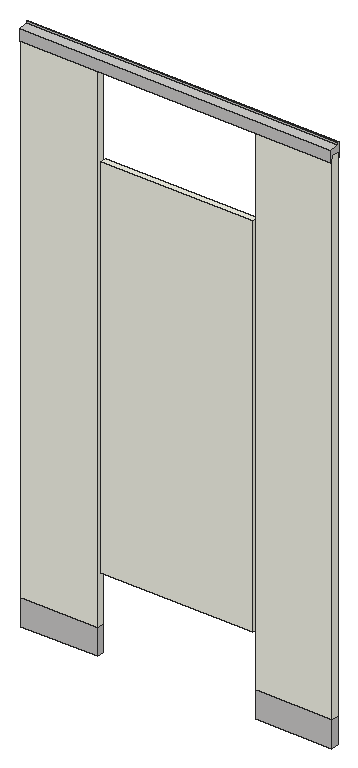
Revit family
Parameters (values of type "B1542")
  URL = "http://www.bobrick.com"
  Right Stile Headrail Value = if(Right Stile Visible, Right Stile Value, 0")  # 12"
  Partition Material = Laminated Plastic - Bobrick - Designer White
  Panel Value = if(DoorPanel Width < 1", 1", if(DoorPanel Width > 84", 84", DoorPanel Width))  # 24"
  Model = "B1542 ClassicSeries Overhead Braced"
  Manufacturer = "Bobrick Washroom Equipment, Inc."
  Left Stile Headrail Value = if(Left Stile Visible, Left Stile Value, 0")  # 12"
  Inswing Value = if(DoorPanel Width < 22", 22", if(DoorPanel Width > 37", 37", DoorPanel Width))  # 24"
  DoorPanel Width = 24"
  Right Stile Width = 12"
  Right Stile Visible = yes
  Right Stile Value = if(Right Stile Width < 3", 3", if(Right Stile Width > 24", 24", Right Stile Width))  # 12"
  Panel = not(Door Panel)  # no
  Outswing Value = if(DoorPanel Width < 25", 25", if(DoorPanel Width > 37", 37", DoorPanel Width))  # 25"
  Outswing = and(not(Inswing Visibility), Door Panel)  # no
  Left Stile Width = 12"
  Left Stile Visible = yes
  Left Stile Value = if(Left Stile Width < 3", 3", if(Left Stile Width > 24", 24", Left Stile Width))  # 12"
  Inswing Visibility = and(Inswing, Door Panel)  # yes
  Inswing = yes
  Width Value = if(Inswing Visibility, Inswing Value, if(Outswing, Outswing Value, if(Panel, Panel Value, 36")))  # 24"
  Door Panel = yes
  Description = "Partitions and Screens with Laminated Plastic Surfaces and Edges"
  Assembly Code = "C1030200"
  ADA Compliant = yes
Reference planes (in)
  plane 1 "Center (Front/Back)": y = 0
  plane 2: z = 0
  plane 3 "Center (Left/Right)": x = 0
  plane 4: x = -24.5
  plane 5: x = 24.5
  plane 6: y = 0.5
  plane 7: y = -0.5
  plane 8: x = -12.5
  plane 9: x = 12.5
  plane 10: x = -12
  plane 11: x = 12
  plane 12: z = 4
  plane 13: z = 12
  plane 14: z = 70
  plane 15: z = 41
  plane 16: y = 24.5
  plane 17: x = 11
  plane 18: z = 85
  plane 19: z = 83.5625
  plane 20: z = 82.8125
  plane 21: z = 84.31651
Forms (in)
  Extrusion 1, solid, material "Laminated Plastic - Bobrick - Designer White" <- "Partition Material", visible <- "Left Stile Visible"
    sketch origin (0, 0, 0) x (1, 0, 0) y (0, 1, 0)
      loop
        line (-24.5, 0.5) -> (-24.5, -0.5) -> (-12.5, -0.5) -> (-12.5, 0.5) -> (-24.5, 0.5)
    from 4 to 83.5625
  Extrusion 2, solid, material "Stainless Steel - Bobrick - Satin", visible <- "Left Stile Visible"
    sketch origin (0, 0, 0) x (1, 0, 0) y (0, 1, 0)
      loop
        line (-24.5, 0.5) -> (-24.5, -0.5) -> (-12.5, -0.5) -> (-12.5, 0.5) -> (-24.5, 0.5)
    from 0 to 4
  Extrusion 3, solid, material "Laminated Plastic - Bobrick - Designer White" <- "Partition Material"
    sketch origin (0, 0, 0) x (1, 0, 0) y (0, 1, 0)
      loop
        line (-12, 0.5) -> (-12, -0.5) -> (12, -0.5) -> (12, 0.5) -> (-12, 0.5)
    from 12 to 70
  Extrusion 4, solid, material "Laminated Plastic - Bobrick - Designer White" <- "Partition Material", visible <- "Right Stile Visible"
    sketch origin (0, 0, 0) x (-1, 0, 0) y (0, -1, 0)
      loop
        line (-24.5, -0.5) -> (-12.5, -0.5) -> (-12.5, 0.5) -> (-24.5, 0.5) -> (-24.5, -0.5)
    from 4 to 83.5625
  Extrusion 5, solid, material "Stainless Steel - Bobrick - Satin", visible <- "Right Stile Visible"
    sketch origin (0, 0, 0) x (-1, 0, 0) y (0, -1, 0)
      loop
        line (-24.5, -0.5) -> (-12.5, -0.5) -> (-12.5, 0.5) -> (-24.5, 0.5) -> (-24.5, -0.5)
    from 0 to 4
  Sweep 6, solid, material "Stainless Steel - Bobrick - Satin"
    path origin (0, 0, 0) x (1, 0, 0) y (0, 0, 1)
      loop
        line (-24.5, 85) -> (24.5, 85)
    profile origin (0, 0, 85) x (0, 0, 1) y (0, -1, 0)
      loop
        line (0, -0.5) -> (-0.25, -0.5) -> (-0.5625, 0.75) -> (-2.1875, 0.75) -> (-2.1875, 0.5) -> (-1.4375, 0.5) -> (-1.4375, -0.5) -> (-2.1875, -0.5) -> (-2.1875, -0.75) -> (0, -0.75) -> (0, -0.5)
Lines and regions (in)
  Masking region 1, visible <- "Left Stile Visible"
    outline origin (0, 0, 0) x (1, 0, 0) y (0, 0, 1)
      loop
        line (-24.5, 82.8125) -> (-24.5, 0) -> (-12.5, 0) -> (-12.5, 82.8125) -> (-24.5, 82.8125)
  Masking region 2
    outline origin (0, 0, 0) x (1, 0, 0) y (0, 0, 1)
      loop
        line (-12, 70) -> (-12, 12) -> (12, 12) -> (12, 70) -> (-12, 70)
  Masking region 3, visible <- "Right Stile Visible"
    outline origin (0, 0, 0) x (1, 0, 0) y (0, 0, 1)
      loop
        line (12.5, 82.8125) -> (12.5, 0) -> (24.5, 0) -> (24.5, 82.8125) -> (12.5, 82.8125)
  Masking region 4, visible <- "Door Panel"
    outline origin (0, 0, 0) x (1, 0, 0) y (0, 1, 0)
      loop
        line (11, 24.5) -> (11, 0.5) -> (12, 0.5) -> (12, 24.5) -> (11, 24.5)
  Masking region 5, visible <- "Left Stile Visible"
    outline origin (0, 0, 0) x (1, 0, 0) y (0, 1, 0)
      loop
        line (-24.5, 0.5) -> (-24.5, -0.5) -> (-12.5, -0.5) -> (-12.5, 0.5) -> (-24.5, 0.5)
  Masking region 6, visible <- "Right Stile Visible"
    outline origin (0, 0, 0) x (1, 0, 0) y (0, 1, 0)
      loop
        line (12.5, 0.5) -> (12.5, -0.5) -> (24.5, -0.5) -> (24.5, 0.5) -> (12.5, 0.5)
  Masking region 7, visible <- "Panel"
    outline origin (0, 0, 0) x (1, 0, 0) y (0, 1, 0)
      loop
        line (-12, -0.5) -> (12, -0.5) -> (12, 0.5) -> (-12, 0.5) -> (-12, -0.5)
  Masking region 8
    outline origin (0, 0, 0) x (0, 1, 0) y (0, 0, 1)
      loop
        line (0.5, 83.5625) -> (-0.5, 83.5625) -> (-0.5, 0) -> (0.5, 0) -> (0.5, 83.5625)
  Masking region 9
    outline origin (0, 0, 0) x (1, 0, 0) y (0, 0, 1)
      loop
        line (24.5, 85) -> (-24.5, 85) -> (-24.5, 82.8125) -> (24.5, 82.8125) -> (24.5, 85)
  Masking region 10
    outline origin (0, 0, 0) x (0, 1, 0) y (0, 0, 1)
      loop
        line (0.75, 82.8125) -> (0.75, 85) -> (0.5, 85) -> (0.5, 84.75) -> (-0.75, 84.4375) -> (-0.75, 82.8125) -> (-0.5, 82.8125) -> (-0.5, 83.5625) -> (0.5, 83.5625) -> (0.5, 82.8125) -> (0.75, 82.8125)
  symbolic lines, visible <- "Left Stile Visible"
    curve 1: line (-24.5, 0, 4) -> (-12.5, 0, 4)
  symbolic lines, visible <- "Right Stile Visible"
    curve 2: line (12.5, 0, 4) -> (24.5, 0, 4)
  symbolic lines, style "Partition Elevation Swing", visible <- "Door Panel"
    curve 3: line (-12, 0, 70) -> (12, 0, 40.89791)
    curve 4: line (12, 0, 40.89791) -> (-12, 0, 12)
    curve 5: arc (-12, 0.5, 0) -> (-4.97056, 17.47056, 0) -> (12, 24.5, 0) r 24
  symbolic lines, style "Partition"
    curve 6: line (0, 0.5, 4) -> (0, -0.5, 4)
    curve 7: line (-24.5, 0, 84.31651) -> (24.5, 0, 84.31651)
Dimensions and locks (in)
  equal spacing: host sketch curve, plane 1 "Center (Front/Back)", host sketch curve
  equal spacing: host sketch curve, plane 3 "Center (Left/Right)", host sketch curve
  host sketch curve to host sketch curve = 120"  (x2)
  locked: plane 8 to plane 10 at 0.5
  locked: plane 11 to plane 9 at 0.5
  "Width Value": plane 10 to plane 11
  equal spacing: plane 10, plane 3 "Center (Left/Right)", plane 11
  "Left Stile Value": plane 4 to plane 8
  "Right Stile Value": plane 9 to plane 5
  locked: plane 12 to level at 4
  locked: plane 13 to level at 12
  locked: plane 18 to level at 85
  locked: plane 6 to plane 7 at 1
  equal spacing: plane 6, plane 1 "Center (Front/Back)", plane 7
  equal spacing: plane 14, plane 15, plane 13
  "Width Value": plane 16 to plane 6
  locked: plane 17 to plane 11 at 1
  plane 14 to plane 13 = 58"
  "Left Stile Headrail Value": plane 8 to Sweep 6 sketch curve
  "Right Stile Headrail Value": Sweep 6 sketch curve to plane 9
  locked: plane 18 to plane 19 at 1.4375
  locked: plane 18 to plane 20 at 2.1875
  aligned and locked: level to plane 2
  aligned and locked: Extrusion 1 sketch curve to plane 6
  aligned and locked: plane 4 to Extrusion 1 sketch curve
  aligned and locked: plane 7 to Extrusion 1 sketch curve
  aligned and locked: Extrusion 1 sketch curve to plane 8
  aligned: Extrusion 1 to level
  aligned: plane 14 to Extrusion 1
  aligned and locked: Extrusion 1 to plane 12
  aligned and locked: plane 4 to Extrusion 2 sketch curve
  aligned and locked: Extrusion 2 sketch curve to plane 6
  aligned and locked: Extrusion 2 sketch curve to plane 8
  aligned and locked: plane 7 to Extrusion 2 sketch curve
  aligned and locked: plane 12 to Extrusion 2
  aligned and locked: Extrusion 2 to level
  aligned and locked: plane 10 to Extrusion 3 sketch curve
  aligned and locked: Extrusion 3 sketch curve to plane 6
  aligned and locked: plane 7 to Extrusion 3 sketch curve
  aligned and locked: Extrusion 3 sketch curve to plane 11
  aligned and locked: plane 14 to Extrusion 3
  aligned and locked: Extrusion 3 to plane 13
  aligned and locked: Extrusion 5 sketch curve to plane 9
  aligned and locked: plane 6 to Extrusion 5 sketch curve
  aligned and locked: plane 5 to Extrusion 5 sketch curve
  aligned and locked: Extrusion 5 sketch curve to plane 7
  aligned and locked: Extrusion 4 sketch curve to plane 9
  aligned and locked: plane 6 to Extrusion 4 sketch curve
  aligned and locked: Extrusion 4 sketch curve to plane 7
  aligned and locked: plane 5 to Extrusion 4 sketch curve
  aligned: plane 14 to Extrusion 4
  aligned and locked: Masking region 1 sketch curve to plane 4
  aligned and locked: Masking region 1 sketch curve to level
  aligned and locked: Masking region 1 sketch curve to plane 8
  aligned and locked: Masking region 2 sketch curve to plane 14
  aligned and locked: Masking region 2 sketch curve to plane 10
  aligned and locked: Masking region 2 sketch curve to plane 11
  aligned and locked: Masking region 2 sketch curve to plane 13
  aligned and locked: Masking region 3 sketch curve to plane 9
  aligned and locked: Masking region 3 sketch curve to plane 5
  aligned and locked: Masking region 3 sketch curve to level
  aligned and locked: curve 1 to plane 12
  aligned and locked: plane 4 to curve 1
  aligned and locked: plane 8 to curve 1
  aligned and locked: curve 2 to plane 12
  aligned and locked: plane 5 to curve 2
  aligned and locked: plane 9 to curve 2
  aligned and locked: plane 14 to curve 3
  aligned and locked: plane 10 to curve 3
  aligned and locked: plane 11 to curve 4
  aligned and locked: plane 10 to curve 4
  aligned and locked: plane 13 to curve 4
  aligned and locked: Masking region 4 sketch curve to plane 16
  aligned and locked: plane 17 to Masking region 4 sketch curve
  aligned and locked: plane 6 to Masking region 4 sketch curve
  aligned and locked: Masking region 4 sketch curve to plane 11
  aligned and locked: Masking region 5 sketch curve to plane 6
  aligned and locked: plane 4 to Masking region 5 sketch curve
  aligned and locked: plane 7 to Masking region 5 sketch curve
  aligned and locked: Masking region 5 sketch curve to plane 8
  aligned and locked: Masking region 6 sketch curve to plane 6
  aligned and locked: plane 9 to Masking region 6 sketch curve
  aligned and locked: plane 7 to Masking region 6 sketch curve
  aligned and locked: Masking region 6 sketch curve to plane 5
  aligned and locked: Masking region 4 to curve 5
  aligned and locked: plane 10 to curve 5
  aligned and locked: plane 6 to curve 5  (x2)
  aligned and locked: plane 11 to curve 5
  aligned and locked: Masking region 7 sketch curve to plane 7
  aligned and locked: Masking region 7 sketch curve to plane 10
  aligned and locked: plane 6 to Masking region 7 sketch curve
  aligned and locked: plane 11 to Masking region 7 sketch curve
  aligned and locked: level to Masking region 8 sketch curve
  aligned and locked: Masking region 8 sketch curve to plane 6
  aligned and locked: plane 7 to Masking region 8 sketch curve
  aligned and locked: plane 12 to curve 6
  aligned and locked: plane 7 to curve 6
  aligned and locked: plane 6 to curve 6
  aligned and locked: Sweep 6 sketch curve to plane 18
  aligned: Extrusion 1 to Masking region 1
  aligned: Masking region 1 sketch curve to plane 20
  aligned and locked: Masking region 3 sketch curve to plane 20
  aligned and locked: plane 19 to Extrusion 4
  aligned and locked: Masking region 9 sketch curve to plane 4
  aligned and locked: plane 5 to Masking region 9 sketch curve
  aligned and locked: plane 18 to Masking region 9 sketch curve
  aligned and locked: curve 7 to plane 21
  aligned and locked: plane 4 to curve 7
  aligned and locked: plane 5 to curve 7
  aligned and locked: plane 19 to Extrusion 1
  aligned and locked: Masking region 8 sketch curve to plane 19
  aligned and locked: plane 20 to Masking region 10 sketch curve
  aligned and locked: Masking region 10 sketch curve to Sweep 6  (x9)
  aligned and locked: Extrusion 5 to level
  aligned and locked: Extrusion 4 to plane 12
  aligned and locked: plane 12 to Extrusion 5
Automatic sketch dimensions
  curve 4 to plane 15 = 0.10209"
  profile plane to Sweep 6 sketch curve = 0"
  profile plane to Sweep 6 sketch curve = 1/4"
  profile plane to Sweep 6 sketch curve = 9/16"
  Sweep 6 sketch curve to Sweep 6 sketch curve = 7/8"
  Sweep 6 sketch curve to Sweep 6 sketch curve = 3/4"  (x2)
  Sweep 6 sketch curve to plane 1 "Center (Front/Back)" = 3/4"
  Sweep 6 sketch curve to Sweep 6 sketch curve = 1/4"  (x2)
  plane 1 "Center (Front/Back)" to Sweep 6 sketch curve = 1/2"
  plane 1 "Center (Front/Back)" to Sweep 6 sketch curve = 3/4"
  Masking region 9 sketch curve to plane 20 = 0"
  Masking region 1 sketch curve to plane 20 = 0"
